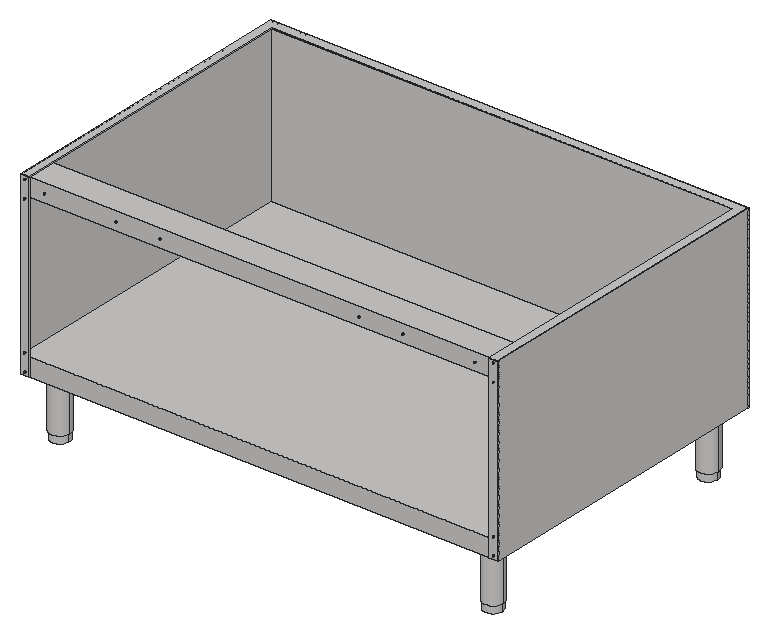
Revit family "QF_ELECTROLUXPROFESSIONAL_391155_E9BANL00O0", category Specialty Equipment, Revit 2018
Family settings
  Round Connector Dimension = Use Diameter
  Part Type = Normal
  Work Plane-Based = No
  Always vertical = Yes
  Cut with Voids When Loaded = No
  Shared = No
  Room Calculation Point = No
Parameters
  Width = 1199 mm  # constant formula
  Weight in Pounds = 45
  URL Cutsheet = "www.electrolux.com"
  URL = "www.electrolux.com"
  Type Mark [instance] = ""
  Status [instance] = ""
  Specification by User [instance] = ""
  Specification by Manufacturer = ""
  Show Clearance [instance] = yes
  Serial Number = ""
  Seismic Rating = ""
  SMACNA No = ""
  Revision Code [instance] = ""
  Omniclass Number and Title = ""
  NAFEM Spec ID Number = ""
  Model = "391155"
  Masterspec = ""
  Manufacturer = "ELECTROLUX"
  Item Number [instance] = ""
  Installed By [instance] = ""
  Identify Quantity as Lot [instance] = yes
  Height = 599 mm  # constant formula
  Furnished By [instance] = ""
  Foodservice Equipment Identifier [instance] = yes
  Direct Waste Size = 0"
  Description = "900XP OPEN BASE 1200 MM  MODULE."
  Depth = 785 mm  # constant formula
  CSI MasterFormat = ""
  CSI Master Format = ""
Reference planes
  plane 1 "BACK": y = 0
  plane 2: z = 0
  plane 3 "LEFT": x = 0
  plane 4 "RIGHT": x = 1199
  plane 5 "FRONT": y = -785
  plane 6 "TOP": z = 599
  plane 7 "Center Y": x = 599.5
  plane 8 "Center X": y = -392.5
  plane 9 "Base Height": z = 149
  plane 10: x = 56
  plane 11: x = 1143
  plane 12: y = -55
  plane 13: y = -730
Forms (mm)
  Extrusion 1, solid, material "QF_Finishes_Stainless Steel"
    sketch origin (0, -231, 149) x (-1, 0, 0) y (0, -1, 0)
      loop
        line (0, -231) -> (0, 554) -> (-22, 554) -> (-22, -209) -> (-1177, -209) -> (-1177, 554) -> (-1199, 554) -> (-1199, -231) -> (0, -231)
    from 448.412 to 450
  Extrusion 2, solid, material "QF_Finishes_Stainless Steel"
    sketch origin (0, -785, 0) x (1, 0, 0) y (0, 0, 1)
      loop
        line (0, 597.413) -> (0, 149) -> (22, 149) -> (22, 597.413) -> (0, 597.413)
      loop
        line (1199, 149) -> (1199, 597.413) -> (1177, 597.413) -> (1177, 149) -> (1199, 149)
    from 0 to -1.59
  Extrusion 3, solid, material "QF_Finishes_Stainless Steel"
    sketch origin (0, -231, 0) x (0, 1, 0) y (0, 0, 1)
      loop
        line (-552.41, 597.413) -> (-552.41, 149) -> (229.41, 149) -> (229.41, 597.413) -> (-552.41, 597.413)
    from 0 to 1.59
  Extrusion 4, solid, material "QF_Finishes_Stainless Steel"
    sketch origin (1199, -785, 597.413) x (0, 0, -1) y (0, 1, 0)
      loop
        line (0, 1.59) -> (448.412, 1.59) -> (448.412, 783.41) -> (0, 783.41) -> (0, 1.59)
    from 0 to -1.59
  Extrusion 5, solid, material "QF_Finishes_Stainless Steel"
    sketch origin (0, 0, 0) x (1, 0, 0) y (0, 0, 1)
      loop
        line (0, 597.413) -> (0, 149) -> (1199, 149) -> (1199, 597.413) -> (0, 597.413)
    from 0 to 1.59
  Extrusion 6, solid, material "QF_Finishes_Stainless Steel"
    sketch origin (0, -231, 149) x (-1, 0, 0) y (0, -1, 0)
      loop
        line (-1.59, -229.41) -> (-1.59, 552.41) -> (-1197.41, 552.41) -> (-1197.41, -229.41) -> (-1.59, -229.41)
      loop
        circle (-1152.751, 403.685) r 12.7
    from 0 to 45
  Extrusion 7, solid, material "QF_Finishes_Stainless Steel"
    sketch origin (0, -231, 0) x (0, 1, 0) y (0, 0, 1)
      loop
        line (-552.41, 597.413) -> (-552.41, 554.237) -> (-550.82, 554.237) -> (-550.82, 595.823) -> (-477.41, 595.823) -> (-477.41, 597.413) -> (-552.41, 597.413)
    from 1.59 to 1197.41
  Extrusion 8, solid, material "QF_Finishes_Black"
    sketch origin (399, -785, 149) x (-1, 0, 0) y (0, 0, -1)
      loop
        circle (387.615, -441.126) r 1.5
      loop
        circle (387.615, -397.951) r 1.5
      loop
        circle (387.615, -51.126) r 1.5
      loop
        circle (387.615, -7.951) r 1.5
      loop
        circle (-788.615, -441.126) r 1.5
      loop
        circle (-788.615, -397.951) r 1.5
      loop
        circle (-788.615, -51.126) r 1.5
      loop
        circle (-788.615, -7.951) r 1.5
    from 0 to 1.59
  Extrusion 9, solid, material "QF_Finishes_Black"
    sketch origin (0, -783.41, 592.413) x (0, 0, 1) y (-1, 0, 0)
      loop
        circle (-17.884, -59.72) r 1.5
      loop
        circle (-17.884, -1139.28) r 1.5
      loop
        circle (-17.884, -239.72) r 1.5
      loop
        circle (-17.884, -349.72) r 1.5
      loop
        circle (-17.884, -959.28) r 1.5
      loop
        circle (-17.884, -849.28) r 1.5
    from 0 to 1.59
  Revolve 10, solid, material "QF_Finishes_Stainless Steel"
    sketch origin (398, -55, 0) x (-1, 0, 0) y (0, 0, -1)
      loop
        line (-745, 0) -> (-767.9, 0) -> (-767.9, -19.05) -> (-770.4, -19.05) -> (-770.4, -149) -> (-745, -149) -> (-745, 0)
      axis (-745, 0) -> (-745, -149)
    angle from 0 to 360
  Revolve 11, solid, material "QF_Finishes_Stainless Steel"
    sketch origin (398, -730, 0) x (-1, 0, 0) y (0, 0, -1)
      loop
        line (-745, 0) -> (-767.9, 0) -> (-767.9, -19.05) -> (-770.4, -19.05) -> (-770.4, -149) -> (-745, -149) -> (-745, 0)
      axis (-745, 0) -> (-745, -149)
    angle from 0 to 360
  Revolve 12, solid, material "QF_Finishes_Stainless Steel"
    sketch origin (401, -55, 0) x (1, 0, 0) y (0, 0, 1)
      loop
        line (-345, 0) -> (-345, 149) -> (-370.4, 149) -> (-370.4, 19.05) -> (-367.9, 19.05) -> (-367.9, 0) -> (-345, 0)
      axis (-345, 0) -> (-345, 149)
    angle from 0 to 360
  Revolve 13, solid, material "QF_Finishes_Stainless Steel"
    sketch origin (401, -730, 0) x (1, 0, 0) y (0, 0, 1)
      loop
        line (-345, 0) -> (-345, 149) -> (-370.4, 149) -> (-370.4, 19.05) -> (-367.9, 19.05) -> (-367.9, 0) -> (-345, 0)
      axis (-345, 0) -> (-345, 149)
    angle from 0 to 360
Lines and regions (mm)
  symbolic lines, style "QF_Undercounter Details"
    curve 1: line (0, 0, 149) -> (1199, 0, 149)
    curve 2: line (0, -785, 149) -> (0, 0, 149)
    curve 3: line (1199, -785, 149) -> (0, -785, 149)
    curve 4: line (1199, 0, 149) -> (1199, -785, 149)
    curve 5: line (22, -708.41, 149) -> (1177, -708.41, 149)
    curve 6: line (1177, -785, 149) -> (1177, -22, 149)
    curve 7: line (1177, -22, 149) -> (22, -22, 149)
    curve 8: line (22, -22, 149) -> (22, -785, 149)
    curve 10: line (1177, -22, 149) -> (1199, 0, 149)
  symbolic lines
    curve 9: line (22, -22, 149) -> (0, 0, 149)
Dimensions and locks
  equal spacing: plane 3 "LEFT", plane 7 "Center Y", plane 4 "RIGHT"
  "Width": plane 3 "LEFT" to plane 4 "RIGHT"
  equal spacing: plane 5 "FRONT", plane 8 "Center X", plane 1 "BACK"
  "Depth": plane 5 "FRONT" to plane 1 "BACK"
  "Height": plane 6 "TOP" to level
  locked: plane 9 "Base Height" to level at 149
  plane 4 "RIGHT" to plane 3 "LEFT" = 1199 mm
  plane 4 "RIGHT" to plane 11 to plane 10 to plane 3 "LEFT" = 56 mm, 1087 mm, 56 mm
  plane 12 to plane 1 "BACK" = 55 mm
  plane 5 "FRONT" to plane 13 = 55 mm
  plane 9 "Base Height" to plane 2 = 149 mm
  plane 6 "TOP" to plane 9 "Base Height" = 450 mm
  aligned and locked: level to plane 2
Automatic sketch dimensions
  plane 1 "BACK" to curve 1 = 0 mm
  curve 1 to plane 4 "RIGHT" = 0 mm
  plane 5 "FRONT" to curve 6 = 0 mm
  curve 3 to plane 3 "LEFT" = 0 mm
  curve 6 to plane 4 "RIGHT" = 22 mm
  plane 3 "LEFT" to curve 5 = 22 mm
  plane 1 "BACK" to curve 7 = 22 mm
  plane 13 to curve 5 = 21.59 mm
  plane 1 "BACK" to Extrusion 1 sketch curve = 0 mm
  Extrusion 1 sketch curve to plane 4 "RIGHT" = 0 mm
  plane 5 "FRONT" to Extrusion 1 sketch curve = 0 mm  (x2)
  Extrusion 1 sketch curve to plane 3 "LEFT" = 0 mm
  Extrusion 1 sketch curve to Extrusion 1 sketch curve = 22 mm
  plane 3 "LEFT" to Extrusion 1 sketch curve = 22 mm
  plane 1 "BACK" to Extrusion 1 sketch curve = 22 mm
  Extrusion 2 sketch curve to plane 3 "LEFT" = 0 mm
  Extrusion 2 sketch curve to plane 9 "Base Height" = 0 mm  (x2)
  Extrusion 2 sketch curve to plane 4 "RIGHT" = 0 mm
  plane 3 "LEFT" to Extrusion 2 sketch curve = 22 mm
  Extrusion 2 sketch curve to Extrusion 2 sketch curve = 22 mm
  Extrusion 2 sketch curve to plane 6 "TOP" = 1.587 mm  (x2)
  Extrusion 3 sketch curve to plane 9 "Base Height" = 0 mm
  Extrusion 3 sketch curve to plane 5 "FRONT" = 1.59 mm
  plane 1 "BACK" to Extrusion 3 sketch curve = 1.59 mm
  Extrusion 3 sketch curve to plane 6 "TOP" = 1.587 mm
  Extrusion 2 to Extrusion 4 sketch curve = 0 mm
  Extrusion 4 sketch curve to Extrusion 2 = 0 mm  (x2)
  Extrusion 4 sketch curve to Extrusion 2 = 781.82 mm
  Extrusion 5 sketch curve to plane 3 "LEFT" = 0 mm
  Extrusion 5 sketch curve to plane 4 "RIGHT" = 0 mm
  Extrusion 5 sketch curve to plane 9 "Base Height" = 0 mm
  Extrusion 5 sketch curve to plane 6 "TOP" = 1.587 mm
  Extrusion 6 sketch curve to Extrusion 6 sketch curve = 0 mm  (x2)
  Extrusion 6 sketch curve to plane 4 "RIGHT" = 1.59 mm
  plane 11 to Extrusion 6 sketch curve = 22.451 mm
  plane 11 to Extrusion 6 sketch curve = 9.751 mm
  plane 3 "LEFT" to Extrusion 6 sketch curve = 1.59 mm
  plane 1 "BACK" to Extrusion 6 sketch curve = 1.59 mm
  plane 13 to Extrusion 6 sketch curve = 95.315 mm
  Extrusion 6 sketch curve to plane 5 "FRONT" = 1.59 mm
  Extrusion 7 sketch curve to plane 5 "FRONT" = 1.59 mm
  Extrusion 7 sketch curve to Extrusion 7 sketch curve = 1.59 mm
  Extrusion 7 sketch curve to plane 6 "TOP" = 3.178 mm
  plane 13 to Extrusion 7 sketch curve = 21.59 mm
  Extrusion 7 sketch curve to Extrusion 7 sketch curve = 41.585 mm
  Extrusion 7 sketch curve to plane 6 "TOP" = 1.588 mm
  Revolve 10 sketch curve to plane 9 "Base Height" = 0 mm
  Revolve 10 sketch curve to level = 0 mm
  Revolve 10 sketch curve to plane 11 = 0 mm  (x2)
  Revolve 10 sketch curve to Revolve 10 sketch curve = 22.9 mm
  Revolve 10 sketch curve to Revolve 10 sketch curve = 2.5 mm
  plane 9 "Base Height" to Revolve 10 sketch curve = 1 mm
  Revolve 10 sketch curve to Revolve 10 sketch curve = 20 mm
  level to Revolve 10 sketch curve = 19.05 mm
  Revolve 11 sketch curve to plane 9 "Base Height" = 0 mm
  Revolve 11 sketch curve to level = 0 mm
  Revolve 11 sketch curve to plane 11 = 0 mm  (x2)
  Revolve 11 sketch curve to Revolve 11 sketch curve = 22.9 mm
  Revolve 11 sketch curve to Revolve 11 sketch curve = 2.5 mm
  Revolve 11 sketch curve to Revolve 11 sketch curve = 1 mm
  Revolve 11 sketch curve to Revolve 11 sketch curve = 20 mm
  level to Revolve 11 sketch curve = 19.05 mm
  Revolve 12 sketch curve to plane 9 "Base Height" = 0 mm
  Revolve 12 sketch curve to level = 0 mm
  plane 10 to Revolve 12 sketch curve = 0 mm  (x2)
  plane 10 to Revolve 12 sketch curve = 22.9 mm
  Revolve 12 sketch curve to Revolve 12 sketch curve = 2.5 mm
  level to Revolve 12 sketch curve = 19.05 mm
  plane 9 "Base Height" to Revolve 12 sketch curve = 1 mm
  Revolve 12 sketch curve to Revolve 12 sketch curve = 20 mm
  Revolve 13 sketch curve to plane 9 "Base Height" = 0 mm
  Revolve 13 sketch curve to level = 0 mm
  plane 10 to Revolve 13 sketch curve = 0 mm  (x2)
  plane 10 to Revolve 13 sketch curve = 22.9 mm
  Revolve 13 sketch curve to Revolve 13 sketch curve = 2.5 mm
  level to Revolve 13 sketch curve = 19.05 mm
  plane 9 "Base Height" to Revolve 13 sketch curve = 1 mm
  Revolve 13 sketch curve to Revolve 13 sketch curve = 20 mm
  Extrusion 8 sketch curve to Extrusion 1 = 397.286 mm
  Extrusion 1 to Extrusion 8 sketch curve = 1165.615 mm
  Extrusion 8 sketch curve to Extrusion 1 = 50.462 mm
  Extrusion 8 sketch curve to Extrusion 8 sketch curve = 0 mm  (x3)
  Extrusion 8 sketch curve to Extrusion 1 = 7.286 mm  (x2)
  Extrusion 8 sketch curve to Extrusion 1 = 10.615 mm  (x4)
  Extrusion 8 sketch curve to Extrusion 8 sketch curve = 43.175 mm  (x3)
  Extrusion 8 sketch curve to Extrusion 8 sketch curve = 346.825 mm
  Extrusion 9 sketch curve to Extrusion 7 = 20.291 mm  (x6)
  Extrusion 7 to Extrusion 9 sketch curve = 58.13 mm  (x2)
  Extrusion 9 sketch curve to Extrusion 9 sketch curve = 180 mm
  Extrusion 9 sketch curve to Extrusion 9 sketch curve = 110 mm  (x2)
  Extrusion 7 to Extrusion 9 sketch curve = 348.13 mm
  radius of Extrusion 8 sketch curve = 1.5 mm  (x8)
  radius of Extrusion 9 sketch curve = 1.5 mm  (x6)
